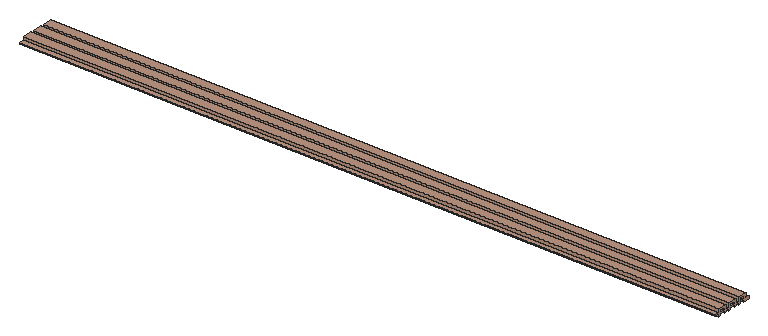
Revit family "LW3-168 MT", category Generic Models, host Face, Revit 2019
Family settings
  Host = Face
  Can host rebar = No
  Round Connector Dimension = Use Diameter
  Part Type = Normal
  Cut with Voids When Loaded = No
  Shared = No
  Room Calculation Point = No
Parameters
  Width(mm) = 168 mm
  Weight/Sheet (kg) = 7.6
  Sub-Category = "ไม้ผนัง"
  Series = "ไม้ผนัง ลักซูรี่ ผิวเคลือบ (Cladding Luxury EU)"
  Product code = "LW3-168 MT"
  Product Type = "ไม้ผนังภายนอก (Cladding Outdoor)"
  Product Description = ""
  No. of pc / sq.m. = 2.43
  Material main = WPC
  Material = Teak
  Length(mm) = 2800 mm
  Instruction Video = ""
  Depth(mm) = 28 mm
  Default Elevation = 1219.2 mm
  Category = "ผนัง"
  Catalog = ""
Reference planes
  plane 1 "Center (Front/Back)": y = 0
  plane 2: z = 0
  plane 3 "Center (Left/Right)": x = 0
  plane 4: x = -1400
  plane 5: x = 1400
  plane 6: y = -84
  plane 7: y = 84
  plane 8: z = 28
Forms (mm)
  Sweep 1, solid, material "Teak" <- "Material"
    path origin (0, -46.5, 0) x (1, 0, 0) y (0, 1, 0)
      loop
        line (-1400, 0) -> (1400, 0)
    profile origin (0, -46.5, 0) x (0, 1, 0) y (0, 0, 1)
      loop
        line (17.5, 28) -> (-17.5, 28) -> (-17.5, 0) -> (-12.5, 0) -> (-12.5, 6) -> (12.5, 6) -> (12.5, 0) -> (17.5, 0) -> (17.5, 28)
      loop
        line (-12.5, 23) -> (-12.5, 11) -> (12.5, 11) -> (12.5, 23) -> (-12.5, 23)
  Sweep 2, solid, material "Teak" <- "Material"
    path origin (0, 0, 0) x (1, 0, 0) y (0, 1, 0)
      loop
        line (-1400, 0) -> (1400, 0)
    profile origin (0, 0, 0) x (0, 1, 0) y (0, 0, 1)
      loop
        line (-84, 14.569) -> (-84, 9.569) -> (-64, 9.569) -> (-64, 6) -> (59, 6) -> (59, 0) -> (84, 0) -> (84, 9.569) -> (81, 9.569) -> (81, 7.569) -> (77.991, 7.569) -> (77.13, 6.932) -> (76.359, 7.569) -> (69.09, 7.569) -> (67.603, 9.569) -> (64, 9.569) -> (64, 11) -> (-59, 11) -> (-59, 14.569) -> (-84, 14.569)
  Sweep 3, solid, material "Teak" <- "Material"
    path origin (0, 2.5, 0) x (1, 0, 0) y (0, 1, 0)
      loop
        line (-1400, 0) -> (1400, 0)
    profile origin (0, 2.5, 0) x (0, 1, 0) y (0, 0, 1)
      loop
        line (17.5, 28) -> (-17.5, 28) -> (-17.5, 0) -> (-12.5, 0) -> (-12.5, 6) -> (12.5, 6) -> (12.5, 0) -> (17.5, 0) -> (17.5, 28)
      loop
        line (-12.5, 23) -> (-12.5, 11) -> (12.5, 11) -> (12.5, 23) -> (-12.5, 23)
  Sweep 4, solid, material "Teak" <- "Material"
    path origin (0, 51.5, 0) x (1, 0, 0) y (0, 1, 0)
      loop
        line (-1400, 0) -> (1400, 0)
    profile origin (0, 51.5, 0) x (0, 1, 0) y (0, 0, 1)
      loop
        line (17.5, 28) -> (-17.5, 28) -> (-17.5, 0) -> (-12.5, 0) -> (-12.5, 6) -> (12.5, 6) -> (12.5, 14.569) -> (17.5, 14.569) -> (17.5, 28)
      loop
        line (-12.5, 23) -> (-12.5, 11) -> (7.5, 11) -> (7.5, 19.569) -> (12.5, 19.569) -> (12.5, 23) -> (-12.5, 23)
Cuts and joins
  joined: Sweep 1, Sweep 2, Sweep 3, Sweep 4
Dimensions and locks
  equal spacing: plane 4, plane 3 "Center (Left/Right)", plane 5
  "Length(mm)": plane 4 to plane 5
  equal spacing: plane 7, plane 1 "Center (Front/Back)", plane 6
  "Width(mm)": plane 7 to plane 6
  "Depth(mm)": host face to plane 8
  Sweep 1 sketch curve to Sweep 1 sketch curve = 22 mm
  Sweep 1 sketch curve to Sweep 1 sketch curve = 35 mm
  Sweep 3 sketch curve to Sweep 3 sketch curve = 22 mm
  Sweep 3 sketch curve to Sweep 3 sketch curve = 35 mm
  Sweep 4 sketch curve to Sweep 4 sketch curve = 22 mm
  Sweep 4 sketch curve to Sweep 4 sketch curve = 35 mm
  Sweep 4 to Sweep 4 to Sweep 3 to Sweep 3 to cut or joined group of Sweep 1, Sweep 2, Sweep 3, Sweep 4 to cut or joined group of Sweep 1, Sweep 2, Sweep 3, Sweep 4 = 35 mm, 14 mm, 35 mm, 14 mm, 35 mm
  aligned and locked: plane 2 to host face
  aligned and locked: level to host face
  aligned and locked: plane 4 to Sweep 1 sketch curve
  aligned and locked: plane 5 to Sweep 1 sketch curve
  aligned and locked: plane 4 to Sweep 2 sketch curve
  aligned and locked: plane 5 to Sweep 2 sketch curve
  aligned and locked: plane 6 to Sweep 2 sketch curve
  aligned and locked: plane 4 to Sweep 3 sketch curve
  aligned and locked: plane 5 to Sweep 3 sketch curve
  aligned and locked: plane 4 to Sweep 4 sketch curve
  aligned and locked: plane 5 to Sweep 4 sketch curve
Automatic sketch dimensions
  host sketch curve to host sketch curve = 2438.4 mm  (x2)
  Sweep 1 sketch curve to plane 6 = 37.5 mm
  Sweep 1 sketch curve to level = 0 mm  (x2)
  profile plane to Sweep 1 sketch curve = 17.5 mm
  Sweep 1 sketch curve to Sweep 1 sketch curve = 5 mm  (x5)
  Sweep 1 sketch curve to Sweep 1 sketch curve = 0 mm
  Sweep 1 sketch curve to Sweep 1 sketch curve = 6 mm
  plane 1 "Center (Front/Back)" to Sweep 2 sketch curve = 0 mm
  Sweep 2 sketch curve to level = 0 mm
  level to Sweep 2 sketch curve = 9.569 mm
  Sweep 2 sketch curve to Sweep 2 sketch curve = 20 mm
  Sweep 2 sketch curve to Sweep 2 sketch curve = 5 mm  (x2)
  level to Sweep 2 sketch curve = 6 mm
  Sweep 2 sketch curve to profile plane = 59 mm
  Sweep 2 sketch curve to Sweep 2 sketch curve = 3.603 mm
  level to Sweep 2 sketch curve = 7.569 mm  (x2)
  Sweep 2 sketch curve to Sweep 2 sketch curve = 1.487 mm
  Sweep 2 sketch curve to Sweep 2 sketch curve = 7.269 mm
  level to Sweep 2 sketch curve = 6.932 mm
  Sweep 2 sketch curve to Sweep 2 sketch curve = 0.772 mm
  Sweep 2 sketch curve to Sweep 2 sketch curve = 0.861 mm
  Sweep 2 sketch curve to Sweep 2 sketch curve = 3.009 mm
  Sweep 2 sketch curve to Sweep 2 sketch curve = 3 mm
  Sweep 2 sketch curve to Sweep 2 sketch curve = 2 mm  (x2)
  Sweep 2 sketch curve to Sweep 2 sketch curve = 1.431 mm
  Sweep 2 sketch curve to Sweep 2 sketch curve = 3.569 mm
  Sweep 3 sketch curve to plane 1 "Center (Front/Back)" = 2.5 mm
  Sweep 3 sketch curve to level = 0 mm  (x2)
  profile plane to Sweep 3 sketch curve = 17.5 mm
  Sweep 3 sketch curve to Sweep 3 sketch curve = 5 mm  (x5)
  Sweep 3 sketch curve to Sweep 3 sketch curve = 0 mm
  level to Sweep 3 sketch curve = 6 mm
  Sweep 4 sketch curve to plane 7 = 32.5 mm
  Sweep 4 sketch curve to level = 0 mm
  profile plane to Sweep 4 sketch curve = 17.5 mm
  Sweep 4 sketch curve to Sweep 4 sketch curve = 5 mm  (x6)
  Sweep 4 sketch curve to profile plane = 7.5 mm
  level to Sweep 4 sketch curve = 6 mm
  Sweep 4 sketch curve to Sweep 4 sketch curve = 3.569 mm
  Sweep 4 sketch curve to Sweep 4 sketch curve = 3.431 mm
